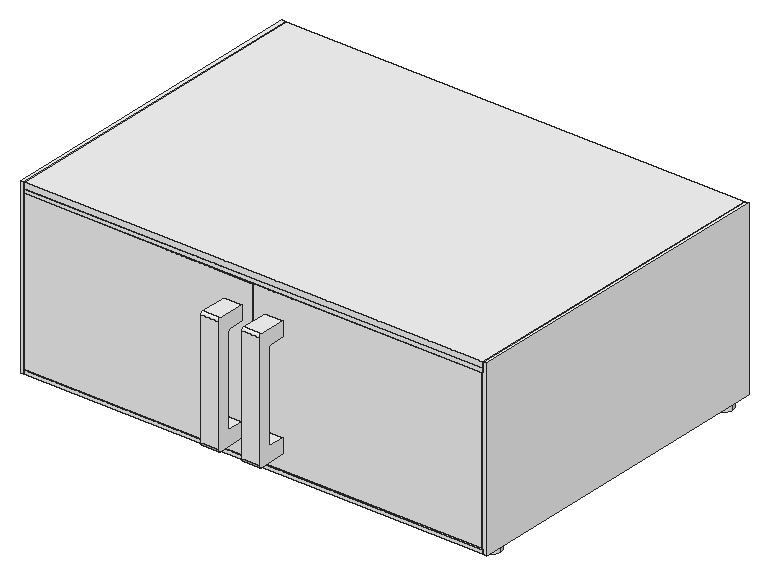
Revit family "QF_Vollrath_SBC11", category Specialty Equipment, Revit 2016
Family settings
  Part Type = Normal
  Round Connector Dimension = Use Diameter
  OmniClass Number = 23.40.40.00
  OmniClass Title = Food Service Equipment and Furnishings
  Work Plane-Based = Yes
  Always vertical = Yes
  Cut with Voids When Loaded = No
  Shared = No
  Room Calculation Point = No
Parameters
  Width = 20"
  Weight in Pounds = 0
  Watermarked By = ""
  URL Cutsheet = ""
  Specification by User [instance] = ""
  Specification by Manufacturer [instance] = ""
  Serial Number [instance] = ""
  Revision Code [instance] = ""
  NAFEM Spec ID Number [instance] = ""
  Model = "SBC11"
  Masterspec [instance] = ""
  Manufacturer = "Vollrath"
  Item Number [instance] = "-"
  Installed By [instance] = ""
  Height = 7 3/8"
  Furnished By [instance] = ""
  Foodservice Equipment Identifier = yes
  Description = "Full Size Case with Front Doors"
  Depth = 14"
  Default Elevation = 48"
  CSI MasterFormat = ""
Reference planes (in)
  plane 1 "BACK": y = 0
  plane 2 "BOTTOM": z = 0
  plane 3 "LEFT": x = -16.56573
  plane 4 "RIGHT": x = 3.43427
  plane 5 "Front Inner": y = -14
  plane 6 "FRONT": y = -15.2462
  plane 7 "Bottom of Body": z = 0.38
  plane 8 "TOP": z = 7.755
  plane 9 "Caster Left": x = -16.00573
  plane 10 "Caster Right": x = 2.87427
  plane 11 "Caster Back": y = -0.56
  plane 12 "Caster Front": y = -13
  plane 13 "Center LR": x = -6.56573
  plane 14: z = 1.19
  plane 15: z = 1.83
  plane 16: z = 5.68
  plane 17: z = 6.32
  plane 18: x = -7.06573
  plane 19: x = -6.06573
  plane 20 "L1": x = -7.81573
  plane 21 "R1": x = -5.31573
Forms (in)
  Extrusion 1, solid, material "QF_Plastic-White-Transparent"
    sketch origin (0, 0, 0) x (1, 0, 0) y (0, 0, 1)
      loop
        line (-16.56573, 7.755) -> (-16.56573, 0.38) -> (-16.39573, 0.38) -> (-16.39573, 7.755) -> (-16.56573, 7.755)
    from 0 to 14
  Extrusion 2, solid, material "QF_Plastic-White-Transparent"
    sketch origin (0, 0, 0) x (1, 0, 0) y (0, 0, 1)
      loop
        line (3.43427, 7.755) -> (3.26427, 7.755) -> (3.26427, 0.38) -> (3.43427, 0.38) -> (3.43427, 7.755)
    from 0 to 14
  Extrusion 3, solid, material "QF_Plastic-White-Transparent"
    sketch origin (0, 0, 0) x (1, 0, 0) y (0, 0, 1)
      loop
        line (-16.39573, 0.38) -> (3.26427, 0.38) -> (3.26427, 0.55) -> (-16.39573, 0.55) -> (-16.39573, 0.38)
    from 0 to 14
  Extrusion 4, solid, material "QF_Plastic-White-Transparent"
    sketch origin (0, 0, 0) x (1, 0, 0) y (0, 0, 1)
      loop
        line (-16.39573, 7.755) -> (-16.39573, 7.505) -> (3.26427, 7.505) -> (3.26427, 7.755) -> (-16.39573, 7.755)
    from 0 to 14
  Extrusion 5, solid, material "QF_Plastic-White-Transparent"
    sketch origin (0, 0, 0) x (1, 0, 0) y (0, 0, 1)
      loop
        line (-16.39573, 7.505) -> (-16.39573, 7.335) -> (3.26427, 7.335) -> (3.26427, 7.505) -> (-16.39573, 7.505)
    from 0 to 14
  Extrusion 6, solid, material "QF_Plastic-White-Transparent"
    sketch origin (0, 0, 0) x (1, 0, 0) y (0, 0, 1)
      loop
        line (3.26427, 7.335) -> (-16.39573, 7.335) -> (-16.39573, 0.55) -> (3.26427, 0.55) -> (3.26427, 7.335)
    from 0 to 0.17
  Extrusion 7, solid, material "QF_Plastic-White-Transparent"
    sketch origin (0, -14, 0) x (1, 0, 0) y (0, 0, 1)
      loop
        arc (3.20427, 0.58) -> (3.22549, 0.58879) -> (3.23427, 0.61) r 0.03
        line (3.23427, 0.61) -> (3.23427, 7.275)
        arc (3.23427, 7.275) -> (3.22549, 7.29621) -> (3.20427, 7.305) r 0.03
        line (3.20427, 7.305) -> (-6.5501, 7.305) -> (-6.5501, 0.58) -> (3.20427, 0.58)
      loop
        arc (-16.36573, 0.61) -> (-16.35694, 0.58879) -> (-16.33573, 0.58) r 0.03
        line (-16.33573, 0.58) -> (-6.58135, 0.58) -> (-6.58135, 7.305) -> (-16.33573, 7.305)
        arc (-16.33573, 7.305) -> (-16.35694, 7.29621) -> (-16.36573, 7.275) r 0.03
        line (-16.36573, 7.275) -> (-16.36573, 0.61)
    from 0 to -0.17
  Extrusion 8, solid, material "QF_Plastic-White-Transparent"
    sketch origin (0, -14, 0) x (1, 0, 0) y (0, 0, 1)
      loop
        line (-16.36573, 4.175) -> (-16.36573, 0.61)
        arc (-16.36573, 0.61) -> (-16.35694, 0.58879) -> (-16.33573, 0.58) r 0.03
        line (-16.33573, 0.58) -> (3.20427, 0.58)
        arc (3.20427, 0.58) -> (3.22549, 0.58879) -> (3.23427, 0.61) r 0.03
        line (3.23427, 0.61) -> (3.23427, 4.175) -> (3.06427, 4.175) -> (3.06427, 0.75) -> (-16.19573, 0.75) -> (-16.19573, 4.175) -> (-16.36573, 4.175)
    from -0.17 to -13.44
  Extrusion 9, solid, material "QF_Plastic-White-Transparent"
    sketch origin (0, -0.56, 0) x (1, 0, 0) y (0, 0, 1)
      loop
        line (3.23427, 4.555) -> (-16.36573, 4.555) -> (-16.36573, 0.61)
        arc (-16.36573, 0.61) -> (-16.35694, 0.58879) -> (-16.33573, 0.58) r 0.03
        line (-16.33573, 0.58) -> (3.20427, 0.58)
        arc (3.20427, 0.58) -> (3.22549, 0.58879) -> (3.23427, 0.61) r 0.03
        line (3.23427, 0.61) -> (3.23427, 4.555)
    from 0 to -0.17
  Blend 10, solid, material "QF_Plastic-White-Transparent"
    base sketch origin (0, 0, 0) x (1, 0, 0) y (0, 1, 0)
      loop
        circle (-16.00573, -0.56) r 0.35
    top sketch origin (0, 0, 0) x (1, 0, 0) y (0, 1, 0)
      loop
        circle (-16.00573, -0.56) r 0.38
    from 0 to 0.38
  Blend 11, solid, material "QF_Plastic-White-Transparent"
    base sketch origin (0, 0, 0) x (1, 0, 0) y (0, 1, 0)
      loop
        circle (2.87427, -0.56) r 0.35
    top sketch origin (0, 0, 0) x (1, 0, 0) y (0, 1, 0)
      loop
        circle (2.87427, -0.56) r 0.38
    from 0 to 0.38
  Blend 12, solid, material "QF_Plastic-White-Transparent"
    base sketch origin (0, 0, 0) x (1, 0, 0) y (0, 1, 0)
      loop
        circle (-16.00573, -13) r 0.35
    top sketch origin (0, 0, 0) x (1, 0, 0) y (0, 1, 0)
      loop
        circle (-16.00573, -13) r 0.38
    from 0 to 0.38
  Blend 13, solid, material "QF_Plastic-White-Transparent"
    base sketch origin (0, 0, 0) x (1, 0, 0) y (0, 1, 0)
      loop
        circle (2.87427, -13) r 0.35
    top sketch origin (0, 0, 0) x (1, 0, 0) y (0, 1, 0)
      loop
        circle (2.87427, -13) r 0.38
    from 0 to 0.38
  Extrusion 14, solid, material "QF_Plastic-White-Transparent"
    sketch origin (-7.81573, 0, 0) x (0, 1, 0) y (0, 0, 1)
      loop
        line (-14, 1.19) -> (-14, 1.83) -> (-14.64464, 1.83)
        arc (-14.64464, 1.83) -> (-14.71645, 1.85975) -> (-14.7462, 1.93156) r 0.10156
        line (-14.7462, 1.93156) -> (-14.7462, 5.57844)
        arc (-14.7462, 5.57844) -> (-14.71645, 5.65025) -> (-14.64464, 5.68) r 0.10156
        line (-14.64464, 5.68) -> (-14, 5.68) -> (-14, 6.32) -> (-15.14464, 6.32)
        arc (-15.14464, 6.32) -> (-15.21645, 6.29025) -> (-15.2462, 6.21844) r 0.10156
        line (-15.2462, 6.21844) -> (-15.2462, 1.29156)
        arc (-15.2462, 1.29156) -> (-15.21645, 1.21975) -> (-15.14464, 1.19) r 0.10156
        line (-15.14464, 1.19) -> (-14, 1.19)
    from 0 to 0.75
  Extrusion 15, solid, material "QF_Plastic-White-Transparent"
    sketch origin (-5.31573, 0, 0) x (0, 1, 0) y (0, 0, 1)
      loop
        line (-14, 6.32) -> (-15.14464, 6.32)
        arc (-15.14464, 6.32) -> (-15.21645, 6.29025) -> (-15.2462, 6.21844) r 0.10156
        line (-15.2462, 6.21844) -> (-15.2462, 1.29156)
        arc (-15.2462, 1.29156) -> (-15.21645, 1.21975) -> (-15.14464, 1.19) r 0.10156
        line (-15.14464, 1.19) -> (-14, 1.19) -> (-14, 1.83) -> (-14.64464, 1.83)
        arc (-14.64464, 1.83) -> (-14.71645, 1.85975) -> (-14.7462, 1.93156) r 0.10156
        line (-14.7462, 1.93156) -> (-14.7462, 5.57844)
        arc (-14.7462, 5.57844) -> (-14.71645, 5.65025) -> (-14.64464, 5.68) r 0.10156
        line (-14.64464, 5.68) -> (-14, 5.68) -> (-14, 6.32)
    from 0 to -0.75
  Extrusion 16, solid, material "QF_Clearance", detail levels coarse+medium
    sketch origin (0, 0, 7.755) x (0, 1, 0) y (-1, 0, 0)
      loop
        line (-14, 6.58135) -> (-14, 16.56573) -> (-23.98437, 16.56573)
        arc (-23.98437, 16.56573) -> (-21.06002, 9.50571) -> (-14, 6.58135) r 9.98438
      loop
        arc (-14, 6.5501) -> (-21.06002, 3.62574) -> (-23.98437, -3.43427) r 9.98438
        line (-23.98437, -3.43427) -> (-14, -3.43427) -> (-14, 6.5501)
    from 0 to -7.375
Lines and regions (in)
  symbolic lines
    curve 1: line (-16.56573, 0, 0) -> (3.43427, 0, 0)
    curve 2: line (-16.56573, -14, 0) -> (-16.56573, 0, 0)
    curve 3: line (3.43427, -14, 0) -> (-16.56573, -14, 0)
    curve 4: line (3.43427, 0, 0) -> (3.43427, -14, 0)
    curve 5: line (-7.06573, -15.2462, 0) -> (-7.06573, -14, 0)
    curve 6: line (-7.06573, -15.2462, 0) -> (-7.81573, -15.2462, 0)
    curve 7: line (-7.81573, -14, 0) -> (-7.81573, -15.2462, 0)
    curve 8: line (-6.06573, -14, 0) -> (-6.06573, -15.2462, 0)
    curve 9: line (-5.31573, -15.2462, 0) -> (-5.31573, -14, 0)
    curve 10: line (-5.31573, -15.2462, 0) -> (-6.06573, -15.2462, 0)
  symbolic lines, style "QF_Clearances_Door_Drawer"
    curve 11: line (-16.56573, -14, 7.755) -> (-16.56573, -23.98437, 7.755)
    curve 12: arc (-16.56573, -23.98437, 7.755) -> (-9.50571, -21.06002, 7.755) -> (-6.58135, -14, 7.755) r 9.98438
    curve 13: arc (-6.5501, -14, 7.755) -> (-3.62574, -21.06002, 7.755) -> (3.43427, -23.98437, 7.755) r 9.98438
    curve 14: line (3.43427, -23.98437, 7.755) -> (3.43427, -14, 7.755)
Dimensions and locks (in)
  "Width": plane 3 "LEFT" to plane 4 "RIGHT"
  "Depth": plane 5 "Front Inner" to plane 1 "BACK"
  locked: plane 6 "FRONT" to plane 5 "Front Inner" at 1.2462
  locked: plane 7 "Bottom of Body" to plane 2 "BOTTOM" at 0.38
  "Height": plane 8 "TOP" to plane 7 "Bottom of Body"
  locked: plane 3 "LEFT" to plane 9 "Caster Left" at 0.56
  locked: plane 10 "Caster Right" to plane 4 "RIGHT" at 0.56
  locked: plane 11 "Caster Back" to plane 1 "BACK" at 0.56
  locked: plane 5 "Front Inner" to plane 12 "Caster Front" at 1
  locked: plane 3 "LEFT" to Extrusion 1 sketch curve at 0.17
  locked: Extrusion 2 sketch curve to plane 4 "RIGHT" at 0.17
  locked: Extrusion 3 sketch curve to plane 7 "Bottom of Body" at 0.17
  locked: plane 8 "TOP" to Extrusion 5 sketch curve at 0.42
  locked: plane 8 "TOP" to Extrusion 5 sketch curve at 0.25
  equal spacing: plane 3 "LEFT", plane 13 "Center LR", plane 4 "RIGHT"
  locked: plane 14 to plane 7 "Bottom of Body" at 0.81
  locked: plane 15 to plane 14 at 0.64
  locked: plane 17 to plane 16 at 0.64
  locked: plane 8 "TOP" to plane 17 at 1.435
  locked: plane 18 to plane 13 "Center LR" at 0.5
  locked: plane 13 "Center LR" to plane 19 at 0.5
  locked: plane 20 "L1" to plane 18 at 0.75
  locked: plane 19 to plane 21 "R1" at 0.75
  aligned and locked: level to plane 2 "BOTTOM"
  aligned and locked: Extrusion 1 sketch curve to plane 3 "LEFT"
  aligned and locked: plane 8 "TOP" to Extrusion 1 sketch curve
  aligned and locked: Extrusion 1 sketch curve to plane 7 "Bottom of Body"
  aligned and locked: Extrusion 2 sketch curve to plane 4 "RIGHT"
  aligned and locked: Extrusion 2 sketch curve to plane 7 "Bottom of Body"
  aligned and locked: plane 8 "TOP" to Extrusion 2 sketch curve
  aligned and locked: plane 5 "Front Inner" to Extrusion 1
  aligned and locked: plane 5 "Front Inner" to Extrusion 2
  aligned and locked: Extrusion 3 sketch curve to plane 7 "Bottom of Body"
  aligned and locked: Extrusion 3 sketch curve to Extrusion 1
  aligned and locked: Extrusion 3 sketch curve to Extrusion 2
  aligned and locked: Extrusion 4 sketch curve to plane 8 "TOP"
  aligned and locked: Extrusion 1 to Extrusion 4 sketch curve
  aligned and locked: Extrusion 4 sketch curve to Extrusion 2
  aligned and locked: Extrusion 1 to Extrusion 5 sketch curve
  aligned and locked: Extrusion 5 sketch curve to Extrusion 2
  aligned and locked: plane 5 "Front Inner" to Extrusion 4
  aligned and locked: plane 5 "Front Inner" to Extrusion 5
  aligned and locked: plane 5 "Front Inner" to Extrusion 3
  aligned and locked: Extrusion 6 sketch curve to Extrusion 5  (x2)
  aligned and locked: Extrusion 6 sketch curve to Extrusion 3  (x2)
  aligned and locked: plane 7 "Bottom of Body" to Blend 10
  aligned and locked: plane 7 "Bottom of Body" to Blend 11
  aligned and locked: plane 7 "Bottom of Body" to Blend 12
  aligned and locked: plane 7 "Bottom of Body" to Blend 13
  aligned and locked: curve 1 to Extrusion 1
  aligned and locked: curve 2 to Extrusion 1
  aligned and locked: curve 3 to Extrusion 2
  aligned and locked: curve 4 to Extrusion 2
  aligned and locked: plane 5 "Front Inner" to Extrusion 14 sketch curve  (x2)
  aligned and locked: plane 6 "FRONT" to Extrusion 14 sketch curve
  aligned and locked: plane 17 to Extrusion 14 sketch curve
  aligned and locked: plane 16 to Extrusion 14 sketch curve
  aligned and locked: Extrusion 14 sketch curve to plane 14
  aligned and locked: Extrusion 14 sketch curve to plane 15
  aligned and locked: curve 5 to Extrusion 14
  aligned and locked: curve 6 to plane 6 "FRONT"
  aligned and locked: curve 7 to Extrusion 14
  aligned and locked: Extrusion 15 sketch curve to Extrusion 14  (x8)
  aligned and locked: Extrusion 15 to plane 19
  aligned and locked: curve 8 to Extrusion 15
  aligned and locked: curve 9 to Extrusion 15
  aligned and locked: curve 10 to plane 6 "FRONT"
  aligned and locked: Extrusion 16 sketch curve to plane 5 "Front Inner"
  aligned and locked: Extrusion 16 sketch curve to plane 3 "LEFT"
  aligned and locked: plane 5 "Front Inner" to Extrusion 16 sketch curve
  aligned and locked: Extrusion 16 sketch curve to plane 4 "RIGHT"
  aligned and locked: Extrusion 16 to plane 7 "Bottom of Body"
  aligned and locked: curve 11 to Extrusion 16
  aligned and locked: curve 12 to Extrusion 16
  aligned and locked: curve 13 to Extrusion 16
  aligned and locked: curve 14 to Extrusion 16
Automatic sketch dimensions
  Extrusion 4 sketch curve to Extrusion 4 sketch curve = 1/4"
  plane 3 "LEFT" to Extrusion 8 sketch curve = 0.2"
  Extrusion 8 sketch curve to Extrusion 8 sketch curve = 0.03"  (x2)
  Extrusion 8 sketch curve to plane 9 "Caster Left" = 0.19"
  plane 10 "Caster Right" to Extrusion 8 sketch curve = 0.19"
  Extrusion 8 sketch curve to Extrusion 8 sketch curve = 0.14"  (x2)
  plane 7 "Bottom of Body" to Extrusion 8 sketch curve = 0.2"
  plane 3 "LEFT" to Extrusion 9 sketch curve = 0.2"
  Extrusion 9 sketch curve to plane 4 "RIGHT" = 0.2"
  plane 7 "Bottom of Body" to Extrusion 9 sketch curve = 0.23"
  Extrusion 9 sketch curve to Extrusion 9 sketch curve = 0.03"  (x2)
  Blend 10 sketch curve to plane 9 "Caster Left" = 0"  (x2)
  plane 11 "Caster Back" to Blend 10 sketch curve = 0"  (x2)
  Blend 11 sketch curve to plane 10 "Caster Right" = 0"  (x2)
  plane 11 "Caster Back" to Blend 11 sketch curve = 0"  (x2)
  Blend 12 sketch curve to plane 9 "Caster Left" = 0"  (x2)
  plane 12 "Caster Front" to Blend 12 sketch curve = 0"  (x2)
  Blend 13 sketch curve to plane 10 "Caster Right" = 0"  (x2)
  plane 12 "Caster Front" to Blend 13 sketch curve = 0"  (x2)
  Extrusion 8 sketch curve to Extrusion 8 sketch curve = 3.425"  (x2)
  Extrusion 9 sketch curve to plane 8 "TOP" = 3.2"
  Extrusion 14 sketch curve to plane 6 "FRONT" = 13/128"
  Extrusion 14 sketch curve to Extrusion 14 sketch curve = 13/128"  (x2)
  Extrusion 14 sketch curve to plane 16 = 13/128"
  Extrusion 14 sketch curve to plane 6 "FRONT" = 1/2"
  Extrusion 15 sketch curve to plane 6 "FRONT" = 13/128"  (x2)
  Extrusion 15 sketch curve to Extrusion 15 sketch curve = 13/128"  (x2)
  plane 3 "LEFT" to Extrusion 7 sketch curve = 0.23"  (x2)
  Extrusion 7 sketch curve to Extrusion 7 sketch curve = 0.03"  (x2)
  Extrusion 7 sketch curve to plane 4 "RIGHT" = 0.23"  (x2)
  plane 13 "Center LR" to Extrusion 7 sketch curve = 1/64"
  Extrusion 7 sketch curve to plane 13 "Center LR" = 1/64"
  plane 7 "Bottom of Body" to Extrusion 7 sketch curve = 0.2"  (x2)
  Extrusion 7 sketch curve to plane 8 "TOP" = 0.48"  (x2)
  plane 6 "FRONT" to Extrusion 16 sketch curve = 8.73817"  (x2)
  plane 5 "Front Inner" to curve 11 = 0"
  plane 5 "Front Inner" to curve 14 = 0"
  radius of Blend 10 sketch curve = 0.35"
  radius of Blend 10 sketch curve = 0.38"
  radius of Blend 11 sketch curve = 0.35"
  radius of Blend 11 sketch curve = 0.38"
  radius of Blend 12 sketch curve = 0.35"
  radius of Blend 12 sketch curve = 0.38"
  radius of Blend 13 sketch curve = 0.35"
  radius of Blend 13 sketch curve = 0.38"
